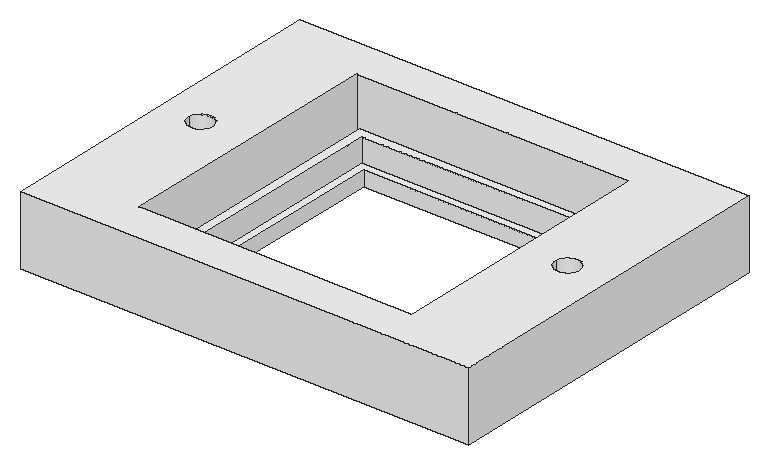
Revit family "Gira_021167", category Electrical Fixtures, host Face, Revit 2017
Family settings
  Host = Face
  Maintain Annotation Orientation = No
  Round Connector Dimension = Use Diameter
  Part Type = Normal
  Cut with Voids When Loaded = No
  Shared = No
  Room Calculation Point = No
Parameters (values of type "Cov.fr. 1-g Gira TX_44 (WP FM) anthra.")
  With mounting grid = "No"
  With hinged lid = "No"
  URL = "http://katalog.gira.de/en/datenblatt.html?artikelnr=021167"
  Type of fastening = "Clamp mounting"
  Transparent = "No"
  Surface protection = "Lacquered"
  Suitable for wall duct = "No"
  Suitable for flush-mounted installation = "Yes"
  Suitable for floor box = "No"
  Suitable for built-in installation = "No"
  Number of units vertical = "1"
  Number of units horizontal = "1"
  Number of units = "1"
  Name = "Cov.fr. 1-g Gira TX_44 (WP FM) anthra."
  Mounting direction = "Horizontal and vertical"
  Material quality = "Thermoplastic"
  Material = "Plastic"
  Manufacturer URL = "https://www.gira.de/"
  Manufacturer = "Gira"
  Label space/information surface = "No"
  Keynote = ""
  HeinzeBIM = "https://bimportal.heinze.de/bim/cov-fr-1-g-gira-tx-44-wp-fm-anthra-/4d061a7d50a43a6fdaece66cd632d9491e7370c3"
  Halogen free = "No"
  HAN = "021167"
  GTIN = "4010337211679"
  Description = "Cov.fr.1g TX_44 AN,Gira TX_44 cover frame,anthracite,1-gang,Features:,- Shatter-proof.,,Notes :,- Frames are easy to install without tools; disassembly requires a Torx screwdriver T9 or T10.,- Wall plug mounting is possible.,- Centre inserts safeguarded against disassembly."
  Degree of protection (IP) = "IP44"
  Default Elevation = 1219.2 mm
  Data sheet (1) = "https://katalog.gira.de/en/download.html?artikelnr=021167"
  Colour = "Anthracite"
  Category = "Cover frame for domestic switching devices"
  BIM (1) = "https://media.stage.bim.site/public/gira/36a6b08/TX44_Rahmen_1fach.rfa"
  Available = "No"
Reference planes
  plane 1 "Center (Front/Back)": y = 0
  plane 2: z = 0
  plane 3 "Center (Left/Right)": x = 0
Forms (mm)
  Extrusion 1, solid, material "White", detail levels fine
    sketch origin (0, 0, 0) x (1, 0, 0) y (0, 1, 0)
      loop
        line (-54.959, 42.909) -> (-54.959, -42.909) -> (54.959, -42.909) -> (54.959, 42.909) -> (-54.959, 42.909)
      loop
        line (-33.5, -33.5) -> (33.5, -33.5) -> (33.5, 33.5) -> (-33.5, 33.5) -> (-33.5, -33.5)
      loop
        circle (-45, -0.006) r 3
      loop
        circle (44.992, 0.001) r 3
    from 0 to 16.9
  Extrusion 2, solid, material "White", detail levels fine
    sketch origin (0, 0, 0) x (1, 0, 0) y (0, 1, 0)
      loop
        line (-25.5, 25.5) -> (-25.5, -25.5) -> (25.5, -25.5) -> (25.5, 25.5) -> (-25.5, 25.5)
      loop
        line (-33.5, 33.5) -> (-33.5, -33.5) -> (33.5, -33.5) -> (33.5, 33.5) -> (-33.5, 33.5)
    from -1.6 to 2
  Extrusion 3, solid, material "White", detail levels fine
    sketch origin (0, 0, 0) x (1, 0, 0) y (0, 1, 0)
      loop
        line (-27.5, 27.5) -> (-27.5, -27.5) -> (27.5, -27.5) -> (27.5, 27.5) -> (-27.5, 27.5)
      loop
        line (-29.5, 29.5) -> (-29.5, -29.5) -> (29.5, -29.5) -> (29.5, 29.5) -> (-29.5, 29.5)
    from 2 to 7.8
  Extrusion 4, solid, material "White", detail levels coarse+medium
    sketch origin (0, 0, 0) x (1, 0, 0) y (0, 1, 0)
      loop
        line (-54.959, 42.909) -> (-54.959, -42.909) -> (54.959, -42.909) -> (54.959, 42.909) -> (-54.959, 42.909)
    from -1.6 to 16.9
Dimensions and locks
  aligned and locked: plane 2 to host face
  aligned and locked: level to host face
